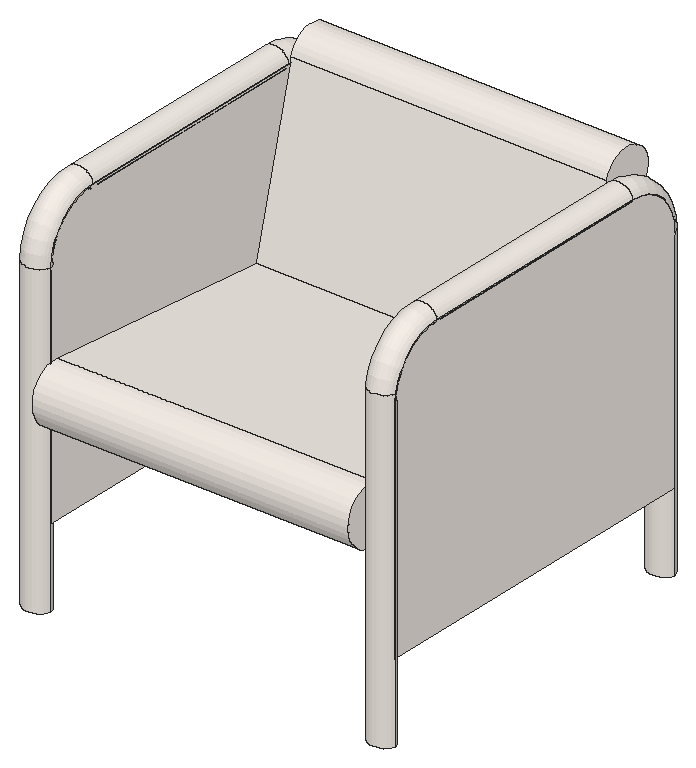
Revit family
Parameters (values of type "600 x 712 mm")
  Sofa Material = Sofa Material
  Sofa Length = 600 mm
Reference planes
  plane 1 "Center (Front/Back)": y = 0
  plane 2: z = 0
  plane 3 "Center (Left/Right)": x = 0.902
  plane 4: x = -299.098
  plane 5: x = 300.902
Forms (mm)
  Sweep 1, solid, material "Sofa Material" <- "Sofa Material"
    path origin (0, -1263.577, 0) x (1, 0, 0) y (0, 1, 0)
      loop
        line (-299.098, 147.362) -> (300.902, 147.362)
    profile origin (0.902, 0, 0) x (0, 1, 0) y (0, 0, 1)
      loop
        arc (335.217, 668.773) -> (299.775, 729.687) -> (238.624, 694.655) r 50.001
        line (238.624, 694.655) -> (154.482, 380.631) -> (-316.874, 426.658)
        arc (-316.874, 426.658) -> (-375.846, 376.612) -> (-326.46, 317.086) r 54.999
        line (-326.46, 317.086) -> (226.513, 263.084) -> (335.217, 668.773)
  Extrusion 2, solid, material "Sofa Material" <- "Sofa Material"
    sketch origin (0, -1282.951, 0) x (0, 1, 0) y (0, 0, 1)
      loop
        line (950.498, 584.791) -> (950.498, 150.01) -> (1615.826, 150.01) -> (1615.826, 584.791)
        arc (1615.826, 584.791) -> (1586.537, 655.502) -> (1515.826, 684.791) r 100
        line (1515.826, 684.791) -> (1050.498, 684.791)
        arc (1050.498, 684.791) -> (979.787, 655.502) -> (950.498, 584.791) r 100
    from -354.766 to -299.098
  Sweep 3, solid, material "Sofa Material" <- "Sofa Material"
    path origin (-299.098, -1270, 0) x (0, 1, 0) y (0, 0, 1)
      loop
        line (1603.439, 0.01) -> (1603.439, 586.137)
        arc (1603.439, 586.137) -> (1574.149, 656.848) -> (1503.439, 686.137) r 100
        line (1503.439, 686.137) -> (1038.167, 686.137)
        arc (1038.167, 686.137) -> (967.457, 656.848) -> (938.167, 586.137) r 100
        line (938.167, 586.137) -> (938.167, 0)
    profile origin (0, 0, 293.074) x (0, -1, 0) y (1, 0, 0)
      loop
        arc (-332.875, -299.098) -> (-354.439, -326.932) -> (-332.875, -354.766) r 28.746
        arc (-332.875, -354.766) -> (-311.311, -326.932) -> (-332.875, -299.098) r 28.746
  Extrusion 4, solid, material "Sofa Material" <- "Sofa Material"
    sketch origin (300.902, 0, 0) x (0, 1, 0) y (0, 0, 1)
      loop
        line (-332.454, 150.01) -> (332.875, 150.01) -> (332.875, 584.791)
        arc (332.875, 584.791) -> (303.585, 655.502) -> (232.875, 684.791) r 100
        line (232.875, 684.791) -> (-232.454, 684.791)
        arc (-232.454, 684.791) -> (-303.164, 655.502) -> (-332.454, 584.791) r 100
        line (-332.454, 584.791) -> (-332.454, 150.01)
    from 0 to 55
  Sweep 5, solid, material "Sofa Material" <- "Sofa Material"
    path origin (300.902, 0, 0) x (0, 1, 0) y (0, 0, 1)
      loop
        line (-331.269, 0) -> (-331.269, 600.139)
        arc (-331.269, 600.139) -> (-297.512, 660.735) -> (-232.454, 684.791) r 100
        line (-232.454, 684.791) -> (232.875, 684.791)
        arc (232.875, 684.791) -> (303.585, 655.502) -> (332.875, 584.791) r 100
        line (332.875, 584.791) -> (332.875, 0.01)
    profile origin (0, 0, 300.07) x (0, -1, 0) y (1, 0, 0)
      loop
        arc (331.269, 300.902) -> (351.063, 328.402) -> (331.269, 355.902) r 29
        arc (331.269, 355.902) -> (311.475, 328.402) -> (331.269, 300.902) r 29
Lines and regions (mm)
  symbolic lines
    curve 1: line (-354.766, 332.875, 0) -> (-354.766, -331.269, 0)
    curve 2: line (300.902, 335.217, 0) -> (-299.098, 335.217, 0)
    curve 3: line (355.902, -333.194, 0) -> (355.902, 335.217, 0)
    curve 4: arc (-354.766, 332.875, 0) -> (-325.448, 354.475, 0) -> (-296.13, 332.875, 0) r 30.697
    curve 5: arc (300.902, 335.217, 0) -> (328.402, 352.669, 0) -> (355.902, 335.217, 0) r 30.393
    curve 6: line (-296.13, 332.875, 0) -> (-296.13, -377.125, 0)
    curve 7: arc (-354.766, -331.269, 0) -> (-325.448, -352.869, 0) -> (-296.13, -331.269, 0) r 30.697
    curve 8: line (297.933, 332.875, 0) -> (297.933, -377.125, 0)
    curve 9: arc (355.902, -333.194, 0) -> (326.233, -352.852, 0) -> (297.933, -331.269, 0) r 30.697
    curve 10: line (-296.13, -377.125, 0) -> (297.933, -377.125, 0)
Dimensions and locks
  "Sofa Length": plane 4 to plane 5
  equal spacing: plane 4, plane 3 "Center (Left/Right)", plane 5
  curve 2 to curve 10 = 712.342 mm
  aligned and locked: plane 4 to Extrusion 2
  aligned and locked: Extrusion 2 to Sweep 3
  aligned and locked: Extrusion 4 sketch curve to Extrusion 2  (x3)
  aligned and locked: Sweep 5 sketch curve to Sweep 3
  aligned and locked: Sweep 5 sketch curve to Extrusion 4  (x2)
  aligned and locked: curve 1 to Extrusion 2
  aligned and locked: curve 2 to Sweep 1
  aligned and locked: curve 3 to Extrusion 4
  aligned and locked: curve 1 to curve 7
Automatic sketch dimensions
  Sweep 1 sketch curve to plane 4 = 0 mm
  Sweep 1 sketch curve to plane 5 = 0 mm
  plane 1 "Center (Front/Back)" to Sweep 1 sketch curve = 1116.216 mm
  level to Sweep 1 sketch curve = 317.086 mm
  Sweep 1 sketch curve to profile plane = 789.756 mm
  Sweep 1 sketch curve to Sweep 1 sketch curve = 5.403 mm
  level to Sweep 1 sketch curve = 426.658 mm
  Sweep 1 sketch curve to Sweep 1 sketch curve = 4.183 mm
  level to Sweep 1 sketch curve = 380.631 mm
  Sweep 1 sketch curve to Sweep 1 sketch curve = 471.355 mm
  level to Sweep 1 sketch curve = 263.084 mm
  Sweep 1 sketch curve to Sweep 1 sketch curve = 72.031 mm
  Sweep 1 sketch curve to Sweep 1 sketch curve = 84.142 mm
  Sweep 1 sketch curve to Sweep 1 sketch curve = 48.209 mm
  Sweep 1 sketch curve to Sweep 1 sketch curve = 48.383 mm
  Sweep 1 sketch curve to Sweep 1 sketch curve = 288.141 mm
  Sweep 1 sketch curve to Sweep 1 sketch curve = 12.617 mm
  level to Extrusion 2 sketch curve = 150.01 mm
  plane 1 "Center (Front/Back)" to Extrusion 2 sketch curve = 332.454 mm
  Extrusion 2 sketch curve to Extrusion 2 sketch curve = 100 mm
  Extrusion 2 sketch curve to plane 1 "Center (Front/Back)" = 232.875 mm
  Extrusion 2 sketch curve to plane 1 "Center (Front/Back)" = 332.875 mm
  Extrusion 2 sketch curve to Extrusion 2 sketch curve = 434.781 mm
  Sweep 3 sketch curve to level = 0 mm
  plane 1 "Center (Front/Back)" to Sweep 3 sketch curve = 331.833 mm
  Sweep 3 sketch curve to Sweep 3 sketch curve = 465.271 mm
  level to Sweep 3 sketch curve = 0.01 mm
  Sweep 3 sketch curve to Sweep 3 sketch curve = 100 mm  (x2)
  profile plane to Sweep 3 sketch curve = 6.618 mm
  Sweep 3 sketch curve to profile plane = 0.564 mm  (x2)
  Sweep 3 sketch curve to profile plane = 7.746 mm
  Sweep 3 sketch curve to plane 4 = 55.668 mm
  Sweep 3 sketch curve to Sweep 3 sketch curve = 27.834 mm
  Sweep 3 sketch curve to Sweep 3 sketch curve = 586.127 mm
  Extrusion 4 sketch curve to Extrusion 4 sketch curve = 100 mm
  Sweep 5 sketch curve to level = 0 mm
  Sweep 5 sketch curve to Sweep 5 sketch curve = 100 mm
  level to Sweep 5 sketch curve = 0.01 mm
  plane 5 to Sweep 5 sketch curve = 27.5 mm
  Sweep 5 sketch curve to profile plane = 0 mm  (x2)
  profile plane to Sweep 5 sketch curve = 9.206 mm
  Sweep 5 sketch curve to profile plane = 9.206 mm
  Sweep 5 sketch curve to plane 5 = 0 mm
  curve 2 to plane 4 = 0 mm
  curve 10 to plane 5 = 2.968 mm
  curve 5 to plane 5 = 0 mm
  curve 7 to plane 4 = 26.35 mm
  curve 4 to plane 4 = 26.35 mm
  plane 4 to curve 6 = 2.968 mm
  plane 5 to curve 9 = 26.35 mm
  curve 5 to curve 5 = 27.5 mm
  curve 6 to curve 2 = 2.342 mm
  curve 8 to curve 5 = 2.342 mm
  curve 4 to curve 2 = 11.44 mm
  curve 5 to curve 5 = 12.941 mm
  curve 7 to curve 7 = 9.098 mm
  curve 9 to curve 9 = 9.098 mm
  curve 8 to curve 9 = 45.856 mm
  curve 10 to curve 7 = 45.856 mm
